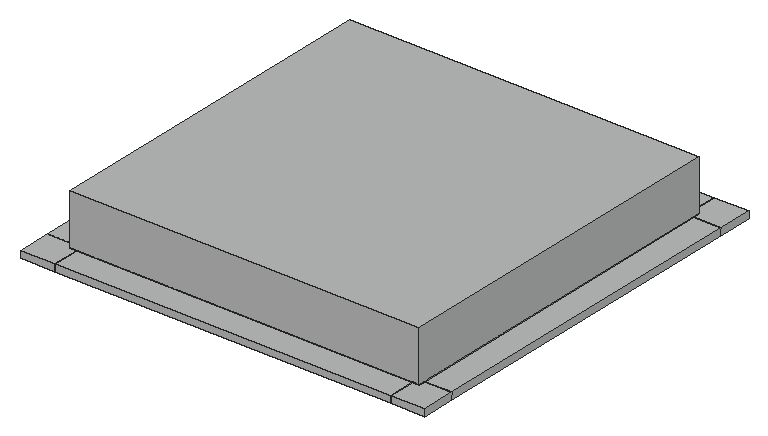
Revit family "ALUMOGIPS", category Осветительные приборы, Revit 2019 (continued)
Types (72, lengths in mm): name | Файл фотометрической сетки | built-in parameter 1150105 | Lumens | built-in parameter 1150106 | built-in parameter 1150142 | Wattage | Emit from Rectangle Width | Emit from Rectangle Length | Длина | Материал светильника | Ширина | ADSK_Ток | ADSK_Полная мощность | ADSK_Обозначение | ADSK_Номинальная мощность | ADSK_Наименование | ADSK_Масса | ADSK_Код изделия
  Alumogips-30/opal-sand 295х595 (IP54, 4000К, белый) | "Светильник ALUMOGIPS-30 OPAL-SAND-(295x595).IES" | 198.94 (stored number, unit not read) | 2500 lm | 1.9894 (stored number, unit not read) | "IESNA:LM-63-95\r\n[TEST] Протокол №80\r\n[DATA]26.06.2016\r\n[MORE] \r\n[MANUFAC] ЗАО \"Центрстройсвет\"\r\n[LUMCAT]  Светильник ALUMOGIPS-30/OPAL-SAND-(295x595)\r\n[LUMINAIRE]\r\n[LAMPCAT] Светодиоды\r\n[LAMP] Поток источника света (светодиодов) не известен\r\n[MORE] КСС приведена в абсолютных величинах кд\r\n[MORE] Вместо потока лампы, указан поток светильника.\r\nTILT=NONE\r\n1    2420 1.0 37 73 1 2 0.295 0.595 0.04\r\n1.0 1.0 28.9\r\n0.0 5.0 10.0 15.0 20.0 25.0 30.0 35.0 40.0 45.0 50.0 55.0 60.0 65.0 70.0 75.0 80.0 85.0 90.0 95.0 100.0 105.0 110.0 115.0 120.0 125.0 130.0 135.0 140.0 145.0 150.0 155.0 160.0 165.0 170.0 175.0 180.0\r\n0.0 5.0 10.0 15.0 20.0 25.0 30.0 35.0 40.0 45.0 50.0 55.0 60.0 65.0 70.0 75.0 80.0 85.0 90.0 95.0 100.0 105.0 110.0 115.0 120.0 125.0 130.0 135.0 140.0 145.0 150.0 155.0 160.0 165.0 170.0 175.0 180.0 185.0 190.0 195.0 200.0 205.0 210.0 215.0 220.0 225.0 230.0 235.0 240.0 245.0 250.0 255.0 260.0 265.0 270.0 275.0 280.0 285.0 290.0 295.0 300.0 305.0 310.0 315.0 320.0 325.0 330.0 335.0 340.0 345.0 350.0 355.0 360.0\r\n911.1 908.3 889.4 861.2 824.6 779.8 729.1 674.3 613.8 546.0 479.1 412.2 342.1 274.7 206.6 142.5 83.1 30.5 0.2 0.0 0.0 0.0 0.0 0.0 0.0 0.0 0.0 0.0 0.0 0.0 0.0 0.0 0.0 0.0 0.0 0.0 0.0\r\n911.1 908.3 890.4 862.2 826.0 781.2 730.0 673.5 610.8 545.9 478.1 412.0 343.0 274.6 207.5 142.8 83.4 31.1 0.3 0.0 0.0 0.0 0.0 0.0 0.0 0.0 0.0 0.0 0.0 0.0 0.0 0.0 0.0 0.0 0.0 0.0 0.0\r\n911.1 908.5 890.5 862.8 826.3 781.1 729.7 670.6 612.5 548.7 480.3 412.7 344.4 275.2 207.5 143.5 83.8 31.5 0.3 0.0 0.0 0.0 0.0 0.0 0.0 0.0 0.0 0.0 0.0 0.0 0.0 0.0 0.0 0.0 0.0 0.0 0.0\r\n911.1 909.2 889.7 860.5 825.1 782.3 731.0 672.5 613.1 547.3 478.2 411.8 342.9 275.2 208.3 143.7 83.9 31.8 0.3 0.0 0.0 0.0 0.0 0.0 0.0 0.0 0.0 0.0 0.0 0.0 0.0 0.0 0.0 0.0 0.0 0.0 0.0\r\n911.1 909.0 891.0 861.5 825.6 782.4 732.7 675.9 611.0 545.2 481.9 413.1 344.4 276.1 208.3 144.0 84.6 32.0 0.3 0.0 0.0 0.0 0.0 0.0 0.0 0.0 0.0 0.0 0.0 0.0 0.0 0.0 0.0 0.0 0.0 0.0 0.0\r\n911.1 908.9 890.1 863.3 826.9 783.2 729.2 673.9 611.8 547.8 480.9 414.1 343.8 275.8 208.6 144.4 85.0 32.4 0.3 0.0 0.0 0.0 0.0 0.0 0.0 0.0 0.0 0.0 0.0 0.0 0.0 0.0 0.0 0.0 0.0 0.0 0.0\r\n911.1 908.9 890.0 862.2 828.3 782.8 731.1 675.1 614.3 547.6 481.3 413.0 345.8 276.7 208.8 145.0 85.3 32.6 0.4 0.0 0.0 0.0 0.0 0.0 0.0 0.0 0.0 0.0 0.0 0.0 0.0 0.0 0.0 0.0 0.0 0.0 0.0\r\n911.1 908.5 891.5 865.2 825.7 780.8 732.5 674.6 615.0 551.3 482.1 414.1 345.1 277.4 208.6 145.5 85.5 33.2 0.5 0.0 0.0 0.0 0.0 0.0 0.0 0.0 0.0 0.0 0.0 0.0 0.0 0.0 0.0 0.0 0.0 0.0 0.0\r\n911.1 908.2 891.4 865.6 827.3 781.0 734.3 676.9 614.9 549.4 482.0 413.8 346.2 277.0 209.5 145.9 86.0 33.8 0.4 0.0 0.0 0.0 0.0 0.0 0.0 0.0 0.0 0.0 0.0 0.0 0.0 0.0 0.0 0.0 0.0 0.0 0.0\r\n911.1 908.7 891.0 864.3 829.6 784.0 732.9 673.2 614.9 550.2 484.5 414.8 346.4 277.8 210.5 146.4 87.2 33.9 0.6 0.0 0.0 0.0 0.0 0.0 0.0 0.0 0.0 0.0 0.0 0.0 0.0 0.0 0.0 0.0 0.0 0.0 0.0\r\n911.1 909.3 890.7 863.4 828.2 782.7 733.6 675.6 617.1 551.3 485.9 416.5 347.0 279.5 211.3 147.1 87.6 34.5 0.8 0.0 0.0 0.0 0.0 0.0 0.0 0.0 0.0 0.0 0.0 0.0 0.0 0.0 0.0 0.0 0.0 0.0 0.0\r\n911.1 908.7 892.5 864.0 829.2 784.2 733.3 676.9 615.6 551.9 484.7 416.9 348.3 279.6 211.6 148.3 88.1 35.0 0.9 0.0 0.0 0.0 0.0 0.0 0.0 0.0 0.0 0.0 0.0 0.0 0.0 0.0 0.0 0.0 0.0 0.0 0.0\r\n911.1 907.6 892.1 865.2 827.4 784.6 731.8 676.8 617.7 552.8 485.1 418.8 350.7 281.3 212.5 148.4 89.0 35.7 1.0 0.0 0.0 0.0 0.0 0.0 0.0 0.0 0.0 0.0 0.0 0.0 0.0 0.0 0.0 0.0 0.0 0.0 0.0\r\n911.1 907.1 892.1 864.5 830.2 788.3 733.6 677.4 617.3 552.0 487.9 420.8 349.8 281.3 213.4 149.2 89.9 36.2 1.3 0.0 0.0 0.0 0.0 0.0 0.0 0.0 0.0 0.0 0.0 0.0 0.0 0.0 0.0 0.0 0.0 0.0 0.0\r\n911.1 907.7 891.9 865.7 828.5 785.6 735.2 678.9 620.0 555.8 488.8 421.1 351.5 282.7 215.2 149.7 90.8 36.9 1.5 0.0 0.0 0.0 0.0 0.0 0.0 0.0 0.0 0.0 0.0 0.0 0.0 0.0 0.0 0.0 0.0 0.0 0.0\r\n911.1 907.8 891.0 864.8 830.1 786.1 738.7 679.4 616.5 556.6 490.6 420.2 352.4 284.5 215.4 151.3 91.1 37.6 1.5 0.0 0.0 0.0 0.0 0.0 0.0 0.0 0.0 0.0 0.0 0.0 0.0 0.0 0.0 0.0 0.0 0.0 0.0\r\n911.1 907.6 892.2 865.5 829.8 785.3 740.8 681.1 621.3 555.2 488.2 422.8 352.5 285.0 216.2 151.5 92.2 38.3 1.9 0.0 0.0 0.0 0.0 0.0 0.0 0.0 0.0 0.0 0.0 0.0 0.0 0.0 0.0 0.0 0.0 0.0 0.0\r\n911.1 907.4 892.1 866.1 829.8 787.6 737.3 681.4 621.4 556.0 491.1 422.7 354.9 284.7 217.1 152.4 93.0 39.4 2.0 0.0 0.0 0.0 0.0 0.0 0.0 0.0 0.0 0.0 0.0 0.0 0.0 0.0 0.0 0.0 0.0 0.0 0.0\r\n911.1 907.1 892.7 864.9 831.7 788.2 738.4 680.3 623.5 555.8 491.4 423.2 354.0 286.0 218.2 152.8 93.7 40.1 1.9 0.0 0.0 0.0 0.0 0.0 0.0 0.0 0.0 0.0 0.0 0.0 0.0 0.0 0.0 0.0 0.0 0.0 0.0\r\n911.1 907.4 892.3 867.6 830.6 789.2 737.9 683.1 622.5 558.1 492.5 424.4 355.9 287.7 219.1 154.3 94.7 40.4 2.5 0.0 0.0 0.0 0.0 0.0 0.0 0.0 0.0 0.0 0.0 0.0 0.0 0.0 0.0 0.0 0.0 0.0 0.0\r\n911.1 907.5 892.4 866.9 832.1 790.0 736.6 683.9 623.3 559.4 493.1 425.9 357.0 288.4 220.1 155.2 95.3 41.1 2.6 0.0 0.0 0.0 0.0 0.0 0.0 0.0 0.0 0.0 0.0 0.0 0.0 0.0 0.0 0.0 0.0 0.0 0.0\r\n911.1 906.9 893.0 866.2 832.9 789.5 740.6 686.4 622.6 558.9 494.6 425.2 357.7 289.6 220.8 156.1 95.8 41.9 2.6 0.0 0.0 0.0 0.0 0.0 0.0 0.0 0.0 0.0 0.0 0.0 0.0 0.0 0.0 0.0 0.0 0.0 0.0\r\n911.1 906.5 892.0 867.1 832.6 789.9 741.4 686.3 627.3 561.0 497.2 429.6 357.8 290.1 222.7 156.4 96.7 42.4 3.1 0.0 0.0 0.0 0.0 0.0 0.0 0.0 0.0 0.0 0.0 0.0 0.0 0.0 0.0 0.0 0.0 0.0 0.0\r\n911.1 906.8 892.3 868.3 834.8 789.8 739.1 686.9 625.0 562.3 496.2 428.6 359.5 290.7 222.5 158.0 97.5 42.6 3.4 0.0 0.0 0.0 0.0 0.0 0.0 0.0 0.0 0.0 0.0 0.0 0.0 0.0 0.0 0.0 0.0 0.0 0.0\r\n911.1 907.7 893.1 868.2 834.1 793.7 743.1 687.9 626.4 562.8 495.5 430.8 360.5 292.6 223.4 158.6 97.7 43.5 3.3 0.0 0.0 0.0 0.0 0.0 0.0 0.0 0.0 0.0 0.0 0.0 0.0 0.0 0.0 0.0 0.0 0.0 0.0\r\n911.1 908.2 893.8 868.2 835.6 793.6 743.3 688.3 626.0 564.5 498.1 431.2 361.0 293.4 224.3 158.9 98.6 44.0 3.5 0.0 0.0 0.0 0.0 0.0 0.0 0.0 0.0 0.0 0.0 0.0 0.0 0.0 0.0 0.0 0.0 0.0 0.0\r\n911.1 906.7 894.2 868.9 835.7 792.8 743.7 688.3 628.3 564.5 497.7 430.5 361.2 293.3 224.8 160.4 99.3 44.4 3.7 0.0 0.0 0.0 0.0 0.0 0.0 0.0 0.0 0.0 0.0 0.0 0.0 0.0 0.0 0.0 0.0 0.0 0.0\r\n911.1 906.5 894.7 867.9 834.7 795.0 744.2 689.6 630.1 566.4 499.6 431.8 363.0 294.1 225.6 160.8 100.0 45.1 3.6 0.0 0.0 0.0 0.0 0.0 0.0 0.0 0.0 0.0 0.0 0.0 0.0 0.0 0.0 0.0 0.0 0.0 0.0\r\n911.1 906.5 895.1 869.9 835.9 794.8 744.6 690.7 627.4 566.4 500.2 432.4 364.0 294.7 227.0 161.2 100.6 45.6 3.8 0.0 0.0 0.0 0.0 0.0 0.0 0.0 0.0 0.0 0.0 0.0 0.0 0.0 0.0 0.0 0.0 0.0 0.0\r\n911.1 906.1 895.4 869.1 835.9 794.7 746.0 689.6 630.7 566.6 499.6 432.7 363.1 295.7 227.9 161.9 100.9 46.3 4.0 0.0 0.0 0.0 0.0 0.0 0.0 0.0 0.0 0.0 0.0 0.0 0.0 0.0 0.0 0.0 0.0 0.0 0.0\r\n911.1 906.1 894.6 870.7 836.3 795.3 746.6 689.6 632.6 567.7 500.1 432.1 364.4 296.0 227.8 162.7 101.4 46.4 4.5 0.0 0.0 0.0 0.0 0.0 0.0 0.0 0.0 0.0 0.0 0.0 0.0 0.0 0.0 0.0 0.0 0.0 0.0\r\n911.1 906.3 895.6 868.8 835.5 793.2 745.3 690.7 630.8 568.5 500.6 433.3 364.7 295.8 227.5 162.6 101.3 46.8 4.6 0.0 0.0 0.0 0.0 0.0 0.0 0.0 0.0 0.0 0.0 0.0 0.0 0.0 0.0 0.0 0.0 0.0 0.0\r\n911.1 907.0 895.4 871.8 837.5 794.5 744.5 690.6 631.8 568.8 502.5 436.2 365.6 296.2 228.3 163.9 101.9 47.1 4.6 0.0 0.0 0.0 0.0 0.0 0.0 0.0 0.0 0.0 0.0 0.0 0.0 0.0 0.0 0.0 0.0 0.0 0.0\r\n911.1 907.6 895.4 871.8 839.2 796.0 747.1 690.6 629.6 567.5 501.4 434.5 365.7 297.2 228.8 163.4 102.4 47.5 4.6 0.0 0.0 0.0 0.0 0.0 0.0 0.0 0.0 0.0 0.0 0.0 0.0 0.0 0.0 0.0 0.0 0.0 0.0\r\n911.1 906.1 895.5 871.6 838.7 794.9 748.2 694.5 632.4 570.3 502.5 434.5 365.5 297.1 229.4 164.0 102.4 47.5 4.7 0.0 0.0 0.0 0.0 0.0 0.0 0.0 0.0 0.0 0.0 0.0 0.0 0.0 0.0 0.0 0.0 0.0 0.0\r\n911.1 904.8 895.9 869.8 836.7 797.2 747.1 691.9 633.4 569.5 503.4 435.1 366.2 298.1 229.3 163.6 102.3 47.2 4.3 0.0 0.0 0.0 0.0 0.0 0.0 0.0 0.0 0.0 0.0 0.0 0.0 0.0 0.0 0.0 0.0 0.0 0.0\r\n911.1 905.3 894.0 871.2 840.2 796.2 748.3 691.8 631.5 572.4 503.6 433.5 366.8 297.9 229.2 163.3 101.8 46.8 3.8 0.0 0.0 0.0 0.0 0.0 0.0 0.0 0.0 0.0 0.0 0.0 0.0 0.0 0.0 0.0 0.0 0.0 0.0\r\n911.1 906.0 894.9 870.9 837.1 795.0 745.7 693.0 630.8 569.0 503.7 436.4 366.4 297.7 229.8 163.4 101.8 46.5 3.4 0.0 0.0 0.0 0.0 0.0 0.0 0.0 0.0 0.0 0.0 0.0 0.0 0.0 0.0 0.0 0.0 0.0 0.0\r\n911.1 905.6 893.6 871.4 839.9 797.6 749.1 691.5 633.0 570.8 502.5 434.8 366.1 296.6 228.5 162.8 101.0 46.0 2.9 0.0 0.0 0.0 0.0 0.0 0.0 0.0 0.0 0.0 0.0 0.0 0.0 0.0 0.0 0.0 0.0 0.0 0.0\r\n911.1 905.5 894.6 871.9 838.0 794.6 747.0 692.0 634.0 569.3 502.9 435.5 366.8 296.4 228.8 163.2 101.1 46.1 2.8 0.0 0.0 0.0 0.0 0.0 0.0 0.0 0.0 0.0 0.0 0.0 0.0 0.0 0.0 0.0 0.0 0.0 0.0\r\n911.1 906.2 893.1 871.0 837.2 796.8 749.0 694.0 633.1 569.5 503.5 436.7 366.4 297.6 228.4 162.6 101.3 45.7 2.8 0.0 0.0 0.0 0.0 0.0 0.0 0.0 0.0 0.0 0.0 0.0 0.0 0.0 0.0 0.0 0.0 0.0 0.0\r\n911.1 905.4 893.6 869.9 837.0 796.8 747.6 692.4 634.5 568.4 503.4 433.2 365.8 296.2 227.1 162.3 100.7 45.6 2.7 0.0 0.0 0.0 0.0 0.0 0.0 0.0 0.0 0.0 0.0 0.0 0.0 0.0 0.0 0.0 0.0 0.0 0.0\r\n911.1 905.2 893.1 870.9 837.6 799.4 749.7 694.6 632.4 569.7 501.2 433.7 366.5 296.3 227.6 162.0 100.7 45.2 2.6 0.0 0.0 0.0 0.0 0.0 0.0 0.0 0.0 0.0 0.0 0.0 0.0 0.0 0.0 0.0 0.0 0.0 0.0\r\n911.1 905.6 892.8 867.9 836.3 795.3 747.6 693.8 632.3 568.8 503.5 433.9 364.4 295.4 227.4 162.1 100.2 45.0 2.6 0.0 0.0 0.0 0.0 0.0 0.0 0.0 0.0 0.0 0.0 0.0 0.0 0.0 0.0 0.0 0.0 0.0 0.0\r\n911.1 906.0 891.2 869.4 838.7 796.6 744.5 691.3 630.5 568.4 500.5 432.6 364.8 294.7 226.6 161.5 99.4 44.6 2.4 0.0 0.0 0.0 0.0 0.0 0.0 0.0 0.0 0.0 0.0 0.0 0.0 0.0 0.0 0.0 0.0 0.0 0.0\r\n911.1 906.3 892.3 868.8 836.4 794.7 746.4 690.6 628.4 567.4 501.0 433.5 364.4 294.7 226.3 161.5 99.1 44.1 2.3 0.0 0.0 0.0 0.0 0.0 0.0 0.0 0.0 0.0 0.0 0.0 0.0 0.0 0.0 0.0 0.0 0.0 0.0\r\n911.1 906.1 891.2 870.3 836.5 796.5 746.5 691.1 630.2 565.4 501.0 432.5 361.6 293.6 224.8 160.3 98.9 43.7 2.2 0.0 0.0 0.0 0.0 0.0 0.0 0.0 0.0 0.0 0.0 0.0 0.0 0.0 0.0 0.0 0.0 0.0 0.0\r\n911.1 906.7 892.3 869.5 834.4 794.2 744.3 688.5 631.3 567.2 500.0 431.6 362.1 292.6 224.4 159.4 98.3 43.1 2.1 0.0 0.0 0.0 0.0 0.0 0.0 0.0 0.0 0.0 0.0 0.0 0.0 0.0 0.0 0.0 0.0 0.0 0.0\r\n911.1 906.3 891.7 869.3 838.3 794.6 745.1 687.7 632.2 566.3 497.6 429.3 361.9 293.2 223.9 158.7 97.6 42.4 1.9 0.0 0.0 0.0 0.0 0.0 0.0 0.0 0.0 0.0 0.0 0.0 0.0 0.0 0.0 0.0 0.0 0.0 0.0\r\n911.1 906.6 891.2 870.7 835.8 791.7 742.2 688.7 628.2 564.3 497.8 429.8 361.0 291.5 223.5 157.7 97.3 42.0 1.8 0.0 0.0 0.0 0.0 0.0 0.0 0.0 0.0 0.0 0.0 0.0 0.0 0.0 0.0 0.0 0.0 0.0 0.0\r\n911.1 906.1 891.3 868.6 834.6 791.7 744.4 685.8 625.4 562.6 496.6 428.8 360.1 290.5 222.4 157.1 96.1 41.3 1.7 0.0 0.0 0.0 0.0 0.0 0.0 0.0 0.0 0.0 0.0 0.0 0.0 0.0 0.0 0.0 0.0 0.0 0.0\r\n911.1 905.2 892.6 868.1 835.0 791.5 742.2 686.7 625.4 563.1 497.3 427.9 358.4 290.7 221.2 155.8 95.6 40.8 1.5 0.0 0.0 0.0 0.0 0.0 0.0 0.0 0.0 0.0 0.0 0.0 0.0 0.0 0.0 0.0 0.0 0.0 0.0\r\n911.1 905.3 892.8 868.0 833.0 791.3 744.3 685.1 623.6 560.5 492.9 426.5 357.2 288.9 220.3 154.7 94.8 40.1 1.3 0.0 0.0 0.0 0.0 0.0 0.0 0.0 0.0 0.0 0.0 0.0 0.0 0.0 0.0 0.0 0.0 0.0 0.0\r\n911.1 906.6 890.8 868.3 833.0 790.4 741.1 685.4 624.1 560.7 492.9 424.1 356.4 288.9 219.7 154.0 93.5 39.4 1.2 0.0 0.0 0.0 0.0 0.0 0.0 0.0 0.0 0.0 0.0 0.0 0.0 0.0 0.0 0.0 0.0 0.0 0.0\r\n911.1 907.4 891.8 866.4 833.1 790.2 739.5 683.6 621.7 561.4 494.4 424.6 356.0 287.1 219.0 153.3 92.5 38.6 1.1 0.0 0.0 0.0 0.0 0.0 0.0 0.0 0.0 0.0 0.0 0.0 0.0 0.0 0.0 0.0 0.0 0.0 0.0\r\n911.1 907.0 891.7 867.9 832.2 788.0 736.3 683.3 623.7 556.4 492.1 424.3 353.3 286.6 217.1 152.4 91.9 37.8 0.8 0.0 0.0 0.0 0.0 0.0 0.0 0.0 0.0 0.0 0.0 0.0 0.0 0.0 0.0 0.0 0.0 0.0 0.0\r\n911.1 906.8 892.1 865.5 829.5 787.9 737.3 680.4 618.9 555.6 491.7 423.2 353.3 284.2 216.2 151.5 91.3 37.0 0.7 0.0 0.0 0.0 0.0 0.0 0.0 0.0 0.0 0.0 0.0 0.0 0.0 0.0 0.0 0.0 0.0 0.0 0.0\r\n911.1 906.0 890.4 864.7 830.5 788.2 737.8 682.0 618.5 554.8 489.2 421.0 352.5 282.8 214.0 149.9 90.1 36.6 0.6 0.0 0.0 0.0 0.0 0.0 0.0 0.0 0.0 0.0 0.0 0.0 0.0 0.0 0.0 0.0 0.0 0.0 0.0\r\n911.1 905.1 891.5 865.2 828.0 784.8 738.1 677.5 619.3 553.0 488.5 419.0 350.1 282.1 214.0 149.5 89.3 35.6 0.4 0.0 0.0 0.0 0.0 0.0 0.0 0.0 0.0 0.0 0.0 0.0 0.0 0.0 0.0 0.0 0.0 0.0 0.0\r\n911.1 906.0 891.6 863.4 826.4 784.8 735.2 679.4 616.1 553.3 487.5 418.1 349.5 281.2 213.4 148.4 88.5 34.8 0.3 0.0 0.0 0.0 0.0 0.0 0.0 0.0 0.0 0.0 0.0 0.0 0.0 0.0 0.0 0.0 0.0 0.0 0.0\r\n911.1 906.8 890.4 864.5 828.0 784.0 735.1 678.8 616.8 551.9 484.6 417.7 349.7 279.3 211.1 147.6 87.7 34.2 0.3 0.0 0.0 0.0 0.0 0.0 0.0 0.0 0.0 0.0 0.0 0.0 0.0 0.0 0.0 0.0 0.0 0.0 0.0\r\n911.1 907.5 888.8 862.0 826.9 780.2 732.3 675.0 614.9 551.2 485.3 416.4 346.6 278.8 211.6 146.2 86.7 33.6 0.2 0.0 0.0 0.0 0.0 0.0 0.0 0.0 0.0 0.0 0.0 0.0 0.0 0.0 0.0 0.0 0.0 0.0 0.0\r\n911.1 907.5 889.7 863.2 826.6 785.1 732.2 672.0 614.2 551.3 484.5 416.7 346.2 277.6 210.1 145.9 85.8 32.8 0.2 0.0 0.0 0.0 0.0 0.0 0.0 0.0 0.0 0.0 0.0 0.0 0.0 0.0 0.0 0.0 0.0 0.0 0.0\r\n911.1 907.3 890.1 863.9 825.1 780.0 730.7 678.4 612.1 549.9 481.9 414.5 344.9 276.9 209.3 145.1 85.2 32.3 0.1 0.0 0.0 0.0 0.0 0.0 0.0 0.0 0.0 0.0 0.0 0.0 0.0 0.0 0.0 0.0 0.0 0.0 0.0\r\n911.1 908.5 889.1 862.4 825.5 781.7 731.2 672.6 612.0 547.6 482.4 413.8 345.8 275.4 208.5 144.0 84.8 31.6 0.1 0.0 0.0 0.0 0.0 0.0 0.0 0.0 0.0 0.0 0.0 0.0 0.0 0.0 0.0 0.0 0.0 0.0 0.0\r\n911.1 908.0 889.3 861.7 824.9 780.9 731.0 672.8 611.9 545.5 481.0 411.8 343.3 274.8 207.7 143.4 84.0 31.2 0.1 0.0 0.0 0.0 0.0 0.0 0.0 0.0 0.0 0.0 0.0 0.0 0.0 0.0 0.0 0.0 0.0 0.0 0.0\r\n911.1 906.5 887.9 861.2 824.2 781.5 729.8 672.2 609.7 547.2 479.7 411.1 343.5 274.5 206.8 143.2 83.6 30.7 0.1 0.0 0.0 0.0 0.0 0.0 0.0 0.0 0.0 0.0 0.0 0.0 0.0 0.0 0.0 0.0 0.0 0.0 0.0\r\n911.1 906.8 888.0 859.9 826.4 781.3 727.9 671.1 610.9 546.9 478.6 411.5 342.5 274.4 207.1 142.8 83.0 30.3 0.1 0.0 0.0 0.0 0.0 0.0 0.0 0.0 0.0 0.0 0.0 0.0 0.0 0.0 0.0 0.0 0.0 0.0 0.0\r\n911.1 907.2 889.6 859.4 824.1 778.8 730.0 672.0 610.3 544.9 478.2 410.6 341.6 274.5 206.3 141.9 82.8 30.0 0.1 0.0 0.0 0.0 0.0 0.0 0.0 0.0 0.0 0.0 0.0 0.0 0.0 0.0 0.0 0.0 0.0 0.0 0.0\r\n911.1 908.0 888.9 861.7 823.7 778.6 726.6 673.0 609.3 546.3 478.0 409.7 341.7 273.2 206.1 141.7 82.2 29.9 0.0 0.0 0.0 0.0 0.0 0.0 0.0 0.0 0.0 0.0 0.0 0.0 0.0 0.0 0.0 0.0 0.0 0.0 0.0\r\n911.1 908.5 889.0 862.2 823.5 778.2 729.5 669.6 608.8 545.8 478.2 411.0 340.7 272.7 206.2 142.0 82.2 29.8 0.1 0.0 0.0 0.0 0.0 0.0 0.0 0.0 0.0 0.0 0.0 0.0 0.0 0.0 0.0 0.0 0.0 0.0 0.0\r\n911.1 908.3 889.7 863.3 826.0 781.1 728.4 671.9 608.5 545.7 478.5 410.8 342.7 273.4 205.7 141.8 82.4 30.1 0.2 0.0 0.0 0.0 0.0 0.0 0.0 0.0 0.0 0.0 0.0 0.0 0.0 0.0 0.0 0.0 0.0 0.0 0.0\r\n911.1 908.3 889.4 861.2 824.6 779.8 729.1 674.3 613.8 546.0 479.1 412.2 342.1 274.7 206.6 142.5 83.1 30.5 0.2 0.0 0.0 0.0 0.0 0.0 0.0 0.0 0.0 0.0 0.0 0.0 0.0 0.0 0.0 0.0 0.0 0.0 0.0\r\n" | 16.8303 W | 275 | 575 | 595 | RAL 9001 | 295 | 0.141777 A | 32.6087 VA | "Alumogips-30/opal-sand 295х595 (IP54, 4000К, белый)" | 30 W | "Встраиваемый светодиодный светильник Alumogips-30/opal-sand 295х595 (IP54, 4000К, белый)" | 1.3 | "ЦБ000007762"
